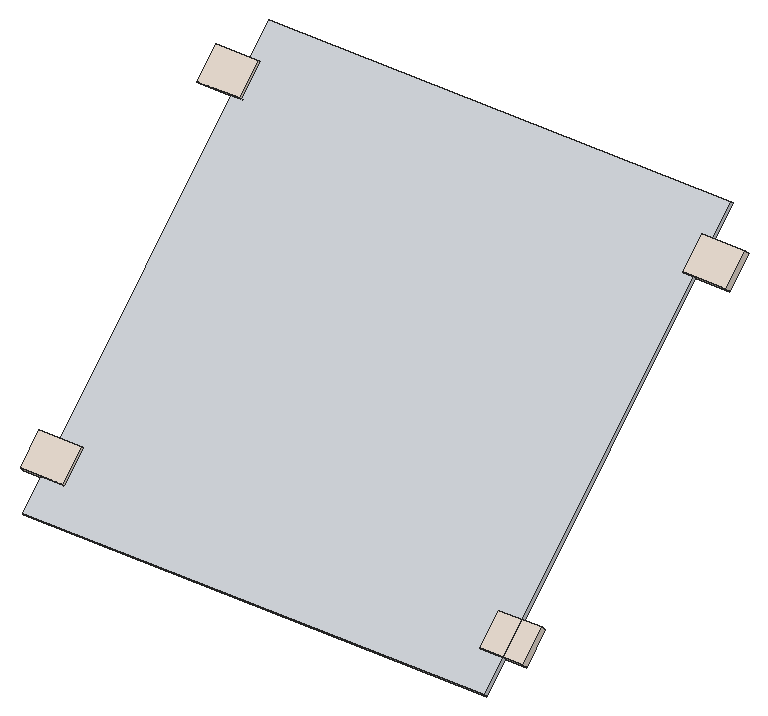
Revit family
Parameters
  verplaatsing klem rechts [instance] = 20 mm
  verplaatsing klem links [instance] = 20 mm
  offsetglas_onder [instance] = offset_basis / cos(hoek)  # 98.995 mm
  offset_glasboven [instance] = offset_boven / cos(hoek)  # 1414.214 mm
  offset_boven [instance] = 1000 mm
  offset_basis [instance] = 70 mm
  offset top rechts [instance] = 50 mm
  offset top links [instance] = 50 mm
  offset basis rechts [instance] = 50 mm
  offset basis links [instance] = 50 mm
  klemlengte_vast = 50 mm
  klemlengte_variabel_rechts [instance] = 80 mm
  klemlengte_variabel_links [instance] = 80 mm
  hoek = 45.00°
  glasklem = balusters luchtruimte
  glas = none
  breedte [instance] = 1500 mm
Reference planes
  plane 1 "Center (Front/Back)": y = 0
  plane 2: z = 0
  plane 3 "Center (Left/Right)": x = 0
  plane 4 "offset basis links": x = -700
  plane 5 "offset top links": x = -700
  plane 6 "offset top rechts": x = 700
  plane 7 "offset basis rechts": x = 700
  plane 8 "left": x = -750
  plane 9 "right": x = 750
  plane 10 "offset top": y = 1000
  plane 11 "offset basis": y = 70
  plane 12: x = -720
  plane 13: x = -680
  plane 14: x = 720
  plane 15: x = 680
Forms (mm)
  Extrusion 1, solid, material <- "glas"
    sketch origin (0, 410.501, 410.501) x (0, 0.707107, 0.707107) y (1, 0, 0)
      loop
        line (833.677, -700) -> (833.677, 700) -> (-481.541, 700) -> (-481.541, -700) -> (833.677, -700)
    from -5 to 5
Lines and regions (mm)
  reference lines
    curve 1: line (0, 0, 0) -> (0, 947.523, 947.523)
Dimensions and locks
  equal spacing: plane 8 "left", plane 3 "Center (Left/Right)", plane 9 "right"
  "breedte": plane 8 "left" to plane 9 "right"
  "offset basis links": plane 8 "left" to plane 4 "offset basis links"
  "offset basis rechts": plane 7 "offset basis rechts" to plane 9 "right"
  "offset top links": plane 8 "left" to plane 5 "offset top links"
  "offset top rechts": plane 6 "offset top rechts" to plane 9 "right"
  "offset_basis": plane 1 "Center (Front/Back)" to plane 11 "offset basis"
  "offsetglas_onder": curve 1 to Extrusion 1
  "offset_boven": plane 1 "Center (Front/Back)" to plane 10 "offset top"
  "offset_glasboven": Extrusion 1 to curve 1
  locked: Extrusion 1 to nested 2 at 100
  locked: Extrusion 1 to nested 1 at 100
  locked: Extrusion 1 to nested 4 at 100
  "verplaatsing klem links": plane 12 to plane 5 "offset top links"
  "verplaatsing klem links": plane 4 "offset basis links" to plane 13
  "verplaatsing klem rechts": plane 6 "offset top rechts" to plane 14
  "verplaatsing klem rechts": plane 15 to plane 7 "offset basis rechts"
  locked: Extrusion 1 to nested 3 at 100
  "hoek": angle curve 1 to plane 2
  aligned and locked: plane 7 "offset basis rechts" to Extrusion 1 sketch curve
  aligned and locked: plane 5 "offset top links" to Extrusion 1 sketch curve
  aligned and locked: plane 6 "offset top rechts" to Extrusion 1 sketch curve
  aligned and locked: plane 4 "offset basis links" to Extrusion 1 sketch curve
  aligned and locked: plane 12 to nested 2
  aligned and locked: plane 13 to nested 1
  aligned and locked: plane 14 to nested 4
  aligned and locked: nested 3 to plane 15
Automatic sketch dimensions
  curve 1 to level = 0 mm
  curve 1 to plane 1 "Center (Front/Back)" = 0 mm
  curve 1 to Extrusion 1 sketch curve = 98.995 mm
  curve 1 to Extrusion 1 sketch curve = 74.214 mm
Nested families
  nested 1: "34 klem parametrisch" at (-1089.728, 176.066, 176.066) x (0, -0.7071, -0.7071) z (1, 0, 0), maat rechts <- "klemlengte_vast", maat links <- "klemlengte_variabel_links", type "34 klem parametrisch"
    with maat rechts 50 mm, maat links 80 mm
  nested 2: "34 klem parametrisch" at (-1129.728, 893.934, 893.934) x (0, -0.7071, -0.7071) z (1, 0, 0), maat rechts <- "klemlengte_vast", maat links <- "klemlengte_variabel_links", type "34 klem parametrisch"
    with maat rechts 50 mm, maat links 80 mm
  nested 3: "34 klem parametrisch" at (270.272, 176.066, 176.066) x (0, -0.7071, -0.7071) z (1, 0, 0), maat links <- "klemlengte_vast", maat rechts <- "klemlengte_variabel_rechts", type "34 klem parametrisch"
    with maat rechts 80 mm, maat links 50 mm
  nested 4: "34 klem parametrisch" at (310.272, 893.934, 893.934) x (0, -0.7071, -0.7071) z (1, 0, 0), maat links <- "klemlengte_vast", maat rechts <- "klemlengte_variabel_rechts", type "34 klem parametrisch"
    with maat rechts 80 mm, maat links 50 mm
Definition of nested family "34 klem parametrisch"
  Parameters
    maat rechts [instance] = 100.025 mm
    maat links [instance] = 61.619 mm
    klem = balusters luchtruimte
    Default Elevation = 500 mm
  Reference planes
    plane 1 "Center (Front/Back)": y = 0
    plane 2: z = 409.728
    plane 3 "Center (Left/Right)": x = 0
    plane 4: x = -50
    plane 5: x = 50
    plane 6: z = 509.753
    plane 7: z = 348.109
  Forms (mm)
    Extrusion 1, solid, material "balusters luchtruimte" <- "klem"
      sketch origin (0, 0, 719.462) x (1, 0, 0) y (0, 1, 0)
        loop
          line (-50, -10) -> (50, -10) -> (50, 10) -> (-50, 10) -> (-50, -10)
      from -371.353 to -209.71
  Dimensions and locks
    "maat links": plane 2 to plane 7
    "maat rechts": plane 6 to plane 2
    aligned and locked: plane 4 to Extrusion 1
    aligned and locked: plane 5 to Extrusion 1
    aligned and locked: plane 6 to Extrusion 1
    aligned and locked: Extrusion 1 to plane 7
  Automatic sketch dimensions
    Extrusion 1 sketch curve to plane 4 = 0 mm
    Extrusion 1 sketch curve to plane 5 = 0 mm
    plane 1 "Center (Front/Back)" to Extrusion 1 sketch curve = 10 mm
    Extrusion 1 sketch curve to plane 1 "Center (Front/Back)" = 10 mm
